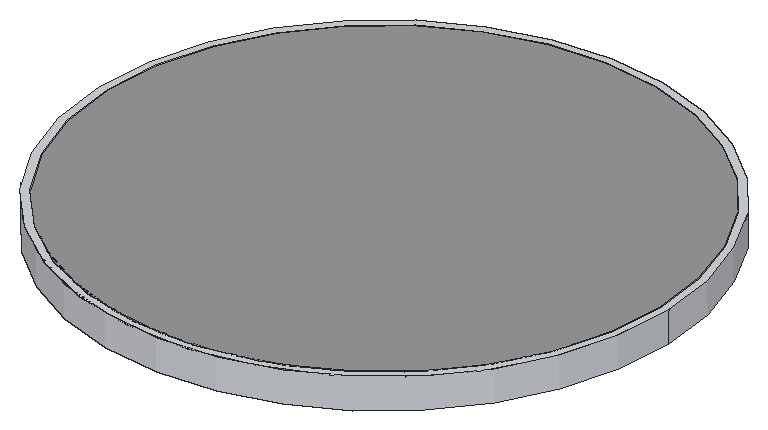
Revit family "2071328", category Lighting Fixtures, host Face, Revit 2018
Family settings
  Host = Face
  Round Connector Dimension = Use Diameter
  Part Type = Junction Box
  OmniClass Number = 23.80.70.00
  OmniClass Title = Lighting
  Cut with Voids When Loaded = No
  Light Source = Yes
  Shared = No
  Room Calculation Point = No
Parameters (values of type "2071328 COLOSSAL 1200 940 PR DIR+H WHT SSC")
  iner diameter = 1168 mm
  Weight = "n/a"
  Wattage Comments = ""
  Wattage = 30 W
  WarrantyStartDate [instance] = "n/a"
  WarrantyGuarantorParts = "n/a"
  WarrantyDurationUnit = "n/a"
  WarrantyDurationParts = ""
  WarrantyDescription = "http://www.sylvania-lighting.com"
  built-in parameter 1150110 = 1 (stored number, unit not read)
  Voltage = 230 V
  URL = "0.95"
  TypeName = "COLOSSAL 1200mm 940 PRISM DIR+HAL WHITE SSC"
  Type Image = <None>
  Type Comments = "n/a"
  built-in parameter 1114217 = 1 (stored number, unit not read)
  Tilt Angle = -90.00°
  built-in parameter 1150109 = 1 (stored number, unit not read)
  built-in parameter 1150134 = (empty or 0)
  built-in parameter 1150113 = 1 (stored number, unit not read)
  SerialNumber [instance] = "n/a"
  Photometric Web File = "2071328.ies"
  Material_3_SYL = LED-Sylvania
  PowerFactor = 0
  PowerConsumption = "Lighting"
  NominalLength = 1168 mm
  NominalHeight = 93 mm
  NominalDepth = 1168 mm
  Name = "COLOSSAL 1200mm 940 PRISM DIR+HAL WHITE SSC"
  ModelReference = Name  # "COLOSSAL 1200mm 940 PRISM DIR+HAL WHITE SSC"
  ModelNumber = "2071328"
  Model = Name  # "COLOSSAL 1200mm 940 PRISM DIR+HAL WHITE SSC"
  Material = "Feilo Sylvania"
  ManufacturerName = "121 lm/W"
  Manufacturer = ""
  LuminousEfficacy = ""
  built-in parameter 1150105 = 270.44 (stored number, unit not read)
  Lumens = 3398.4 lm
  LuminaireType = "0"
  built-in parameter 1150115 = 1 (stored number, unit not read)
  LightOutputRatio = "LED"
  built-in parameter 1150137 = (empty or 0)
  built-in parameter 1150139 = (empty or 0)
  LampsType = Lamp  # "n/a"
  LampNominalLuminous = "4000 K"
  LampMacAdamStep = "90"
  LampColourTemperature = "LED"
  LampColourRenderingIndex = "16500"
  built-in parameter 1150112 = 1 (stored number, unit not read)
  built-in parameter 1150114 = 1 (stored number, unit not read)
  Lamp = "n/a"
  Keynote = "n/a"
  InstallationDate [instance] = "n/a"
  InputVoltage = "0"
  InputNominalFrequency = "4000"
  built-in parameter 1150132 = (empty or 0)
  built-in parameter 1150102 = (empty or 0)
  built-in parameter 1150107 = 3000 (stored number, unit not read)
  built-in parameter 1150138 = (empty or 0)
  IngressProtection = "IfcLightFixtureType"
  ImpactProtectionIndex = "IfcLightFixtureType"
  built-in parameter 1150106 = 2.7044 (stored number, unit not read)
  IfcExportType = "IfcLightFixtureType"
  IfcExportAs = "Class I"
  Emit from Circle Diameter = 385 mm
  Emit Shape Visible in Rendering = no
  ElectricShockClassification = "121"
  built-in parameter 1150104 = 10.524 (stored number, unit not read)
  DocumentationLiterature = "http://www.sylvania-lighting.com/product/en-int/products/2071328"
  DimmingControlOptions = "n/a"
  Material_2_SYL = Polycarbonate_Sylvania_White
  Dimming Lamp Color Temperature Shift = <None>
  Description = "1200mm diameter circular architectural luminaire, can be surface mounted or suspended. Powder coated aluminium housing (RAL9016) with PMMA prismatic diffuser. Direct/indirect (halo) light distribution, 14190lm luminuous flux, 117.5W system power, 121lm/W luminiaire efficacy. Sylsmart Standalone enabled. Colour rendering index Ra >90, 4000K Neutral White LED, chromaticity tolerance of 3-step MacAdam ellipse. IP40/IP20, IK03. 350mA drive current. UGR≤19. Electrical protection Class1, 220-240V. Reported lifetime 66k hours L90B10."
  Default Elevation = 1219.2 mm
  CreatedOn = "23/03/2022"
  CreatedBy = "@sylvania-lighting.com"
  Cost = 0
  Color Filter = 16777215
  built-in parameter 1114216 [instance] = (empty or 0)
  ClassificationValue = "EF_70_80"
  ClassificationName = "Uniclass2015"
  Material_1_SYL = Polycarbonate_Sylvania_Opal
  BarCode [instance] = "n/a"
  built-in parameter 1114218 = 1 (stored number, unit not read)
  built-in parameter 1150133 = 10 (stored number, unit not read)
  AssetType = "Fixed"
  AssetIdentifier [instance] = "n/a"
  Assembly Code = "D5020200"
  Apparent Load = 117.5 VA
  Material_4_SYL = none
Reference planes
  plane 1 "Center (Front/Back)": y = 0
  plane 2: z = 0
  plane 3 "Center (Left/Right)": x = 0
  plane 4: z = 1.161
  plane 5: z = 16.161
  plane 6: y = 584
  plane 7: y = -584
  plane 8: x = 85
  plane 9: x = -85
  plane 10: through (0, 0, 1219.2) normal (0.5, 0.866, 0)
  plane 11: through (42.5, 73.612, 1219.2) normal (0.5, 0.866, 0)
  plane 12: through (-42.5, -73.612, 1219.2) normal (0.5, 0.866, 0)
  plane 13: through (0, 0, 1219.2) normal (0.5, -0.866, 0)
  plane 14: through (-42.5, 73.612, 1219.2) normal (0.5, -0.866, 0)
  plane 15: through (42.5, -73.612, 1219.2) normal (0.5, -0.866, 0)
  plane 16: z = 93
  plane 17: y = 584
  plane 18: y = -584
  plane 19: y = -429
  plane 20: x = -584
  plane 21: x = 584
Forms (mm)
  Extrusion 1, solid, detail levels medium+fine
    sketch origin (0, 0, 0) x (0.866025, -0.5, 0) y (0.5, 0.866025, 0)
      loop
        circle (-50, 86.603) r 22
    from 0 to 2
  Extrusion 2, solid, detail levels medium+fine
    sketch origin (0, 0, 0) x (0.866025, -0.5, 0) y (0.5, 0.866025, 0)
      loop
        circle (100, 0) r 22
      loop
        circle (-50, -86.603) r 22
    from 0 to 2
  Extrusion 3, solid, detail levels medium+fine
    sketch origin (0, 0, 0) x (1, 0, 0) y (0, 1, 0)
      loop
        circle (0, 0) r 584
    from 30 to 93
  Extrusion 4, void
    sketch origin (0, 0, 0) x (1, 0, 0) y (0, 1, 0)
      loop
        circle (0, 0) r 568
    from 96.588 to 37.292
  Extrusion 5, solid, material "Glass, White, High Luminance", detail levels fine
    sketch origin (0, 0, 0) x (1, 0, 0) y (0, 1, 0)
      loop
        circle (0, 0) r 568
    from 88.022 to 93
  Extrusion 6, solid, detail levels coarse
    sketch origin (0, 0, 0) x (1, 0, 0) y (0, 1, 0)
      loop
        line (-584, 584) -> (-584, -584) -> (584, -584) -> (584, 584) -> (-584, 584)
    from 0 to 93
  Blend 7, solid, detail levels medium+fine
    base sketch origin (-10.814, 11.299, 29.922) x (1, 0, 0) y (0, 1, 0)
      loop
        line (-402.654, -330.622) -> (397.346, -330.622) -> (482.346, -183.398) -> (82.346, 509.423) -> (-87.654, 509.423) -> (-487.654, -183.398) -> (-402.654, -330.622)
    top sketch origin (-10.814, 11.299, 29.922) x (1, 0, 0) y (0, 1, 0)
      loop
        line (-363.391, -306.496) -> (364.632, -306.496) -> (449.632, -159.272) -> (87.132, 468.597) -> (-82.868, 468.597) -> (-445.368, -159.272) -> (-363.391, -306.496)
    from 0 to -30
Cuts and joins
  Extrusion 4 cuts Extrusion 1
  Extrusion 4 cuts Extrusion 2
  Extrusion 4 cuts Extrusion 3
Lines and regions (mm)
  model lines, detail levels medium+fine
    curve 1: circle (0, 0, 0) r 155 normal (0, 0, 1)
  reference lines
    curve 2: circle (0, 0, 0) r 489 normal (0, 0, 1)
    curve 3: circle (0, 0, 0) r 521 normal (0, 0, 1)
    curve 4: line (0, 0, 0) -> (606.218, -350, 0)
    curve 5: line (0, 0, 0) -> (0, 825, 0)
    curve 6: line (0, 0, 0) -> (-623.538, -360, 0)
    curve 7: line (639.013, -270.785, 0) -> (85, 49.075, 0)
    curve 8: line (563.718, -423.612, 0) -> (0, -98.15, 0)
    curve 9: line (85, 49.075, 0) -> (85, 825, 0)
    curve 10: line (-85, 49.075, 0) -> (-85, 825, 0)
    curve 11: line (-85, 49.075, 0) -> (-666.038, -286.388, 0)
    curve 12: line (-581.038, -433.612, 0) -> (0, -98.15, 0)
Dimensions and locks
  plane 4 to level = 1.161 mm
  locked: plane 5 to plane 4 at 15
  "NominalDepth": plane 6 to plane 7
  plane 6 to plane 1 "Center (Front/Back)" to plane 7 = 584 mm, 584 mm
  "NominalHeight": level to plane 16
  equal spacing: plane 17, plane 1 "Center (Front/Back)", plane 18
  "NominalLength": plane 20 to plane 21
  equal spacing: plane 20, plane 3 "Center (Left/Right)", plane 21
  aligned and locked: plane 2 to host face
  aligned and locked: level to host face
  aligned and locked: plane 6 to Extrusion 6
Automatic sketch dimensions
  host sketch curve to host sketch curve = 2438.4 mm  (x2)
  Extrusion 1 sketch curve to plane 3 "Center (Left/Right)" = 0 mm
  Extrusion 1 sketch curve to plane 1 "Center (Front/Back)" = 100 mm
  plane 1 "Center (Front/Back)" to Extrusion 2 sketch curve = 50 mm
  Extrusion 2 sketch curve to plane 3 "Center (Left/Right)" = 86.603 mm
  Extrusion 2 sketch curve to Extrusion 2 sketch curve = 150 mm
  Extrusion 2 sketch curve to Extrusion 2 sketch curve = 86.603 mm
  plane 1 "Center (Front/Back)" to curve 1 = 0 mm
  curve 1 to plane 3 "Center (Left/Right)" = 0 mm
  plane 1 "Center (Front/Back)" to Extrusion 3 sketch curve = 0 mm
  Extrusion 3 sketch curve to plane 3 "Center (Left/Right)" = 0 mm
  plane 1 "Center (Front/Back)" to Extrusion 4 sketch curve = 0 mm
  Extrusion 4 sketch curve to plane 3 "Center (Left/Right)" = 0 mm
  plane 1 "Center (Front/Back)" to Extrusion 5 sketch curve = 0 mm
  Extrusion 5 sketch curve to plane 3 "Center (Left/Right)" = 0 mm
  curve 2 to curve 3 = 0 mm  (x2)
  curve 11 to plane 14 = 0 mm
  curve 6 to plane 13 = 0 mm
  curve 12 to plane 15 = 0 mm
  curve 10 to plane 9 = 0 mm
  curve 12 to plane 3 "Center (Left/Right)" = 0 mm
  plane 1 "Center (Front/Back)" to curve 3 = 0 mm
  curve 3 to plane 3 "Center (Left/Right)" = 0 mm
  curve 7 to plane 8 = 0 mm
  curve 11 to plane 10 = 0 mm
  curve 12 to plane 19 = 4.612 mm
  plane 19 to curve 6 = 69 mm
  plane 19 to curve 11 = 142.612 mm
  plane 19 to curve 8 = 5.388 mm
  plane 19 to curve 4 = 79 mm
  plane 19 to curve 7 = 158.215 mm
  plane 6 to curve 5 = 241 mm
  curve 10 to curve 5 = 0 mm
  curve 5 to curve 9 = 0 mm
  plane 1 "Center (Front/Back)" to curve 6 = 0 mm
  curve 6 to plane 3 "Center (Left/Right)" = 0 mm
  Extrusion 6 sketch curve to plane 7 = 0 mm
  Extrusion 6 sketch curve to plane 6 = 0 mm
  Blend 7 sketch curve to plane 6 = 756.098 mm  (x2)
  Blend 7 sketch curve to Blend 7 sketch curve = 85 mm
  plane 3 "Center (Left/Right)" to Blend 7 sketch curve = 386.532 mm
  plane 8 to Blend 7 sketch curve = 386.532 mm
  Blend 7 sketch curve to plane 6 = 63.278 mm
  Blend 7 sketch curve to plane 6 = 731.972 mm  (x2)
  Blend 7 sketch curve to Blend 7 sketch curve = 81.977 mm
  plane 3 "Center (Left/Right)" to Blend 7 sketch curve = 353.818 mm
  plane 8 to Blend 7 sketch curve = 353.818 mm
  Blend 7 sketch curve to plane 6 = 104.104 mm
  plane 12 to curve 8 = 0 mm
  plane 19 to Blend 7 sketch curve = 109.677 mm
  plane 19 to Blend 7 sketch curve = 133.803 mm
  plane 8 to Extrusion 6 sketch curve = 499 mm
  Extrusion 6 sketch curve to plane 9 = 499 mm
  Blend 7 sketch curve to plane 8 = 13.468 mm
  Blend 7 sketch curve to plane 9 = 13.468 mm
  Blend 7 sketch curve to plane 9 = 328.468 mm
  Blend 7 sketch curve to plane 8 = 8.682 mm
  Blend 7 sketch curve to plane 9 = 8.682 mm
  Blend 7 sketch curve to plane 9 = 289.205 mm
  plane 10 to curve 4 = 0 mm
  plane 11 to curve 7 = 0 mm
  curve 12 to plane 12 = 0 mm
  curve 9 to plane 11 = 0 mm
  radius of Extrusion 1 sketch curve = 22 mm
  radius of Extrusion 2 sketch curve = 22 mm  (x2)
  radius of curve 1 = 155 mm
  radius of Extrusion 3 sketch curve = 584 mm
  radius of Extrusion 4 sketch curve = 568 mm
  radius of Extrusion 5 sketch curve = 568 mm
  radius of curve 2 = 489 mm
  radius of curve 3 = 521 mm
Connectors
  electrical at (0, 0, 30)
    settings: on cut or joined group of Extrusion 3, Extrusion 4, index 1, voltage 0 V, apparent load 0 VA, apparent load phase1 0 VA, apparent load phase2 0 VA, apparent load phase3 0 VA, power factor 1, load classification "Other", number of poles 1, system type 31, power factor state 1, is connector primary yes, connector utility no, sub classification motor no, connector description ""
